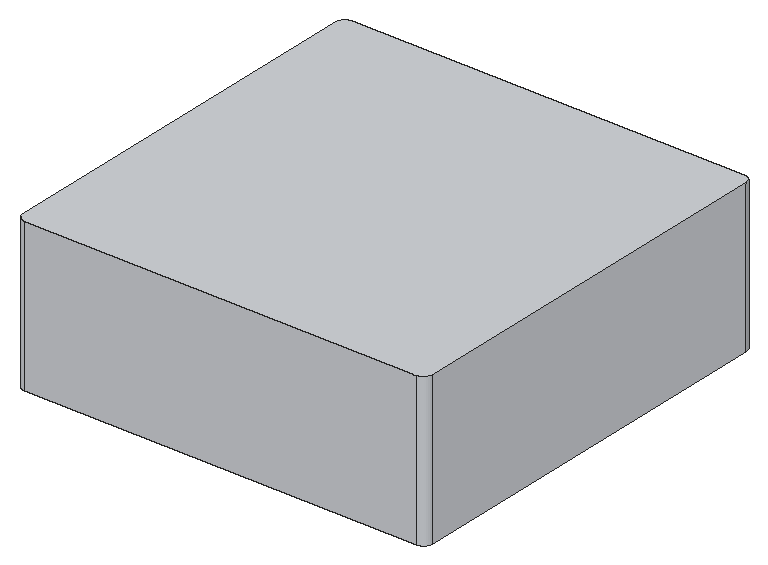
Revit family "Atlas_Sound_IP-SM_Ceiling_Mounted", category Communication Devices, host Ceiling, Revit 2016
Family settings
  Host = Ceiling
  Maintain Annotation Orientation = No
  Part Type = Normal
  Round Connector Dimension = Use Diameter
  Work Plane-Based = No
  Always vertical = Yes
  Cut with Voids When Loaded = No
  Shared = No
  Room Calculation Point = No
Parameters
  Warranty Duration (Years) = 0
  URL = "https://www.atlasied.com/ip-sm"
  Specification = ""
  SpecWizard = ""
  Send Message = ""
  Sales Information = ""
  Revision = ""
  Product Properties = ""
  Product Data = "https://www.atlasied.com/f/5898/ipx-series-endpoint-speaker-install-sheet.pdf"
  OmniClass Title = ""
  OmniClass Number = ""
  MasterFormat04 Keynote = ""
  Manufacturer's Notes = ""
  Manufacturer Website = "https://www.atlasied.com/"
  Manufacturer Phone - Toll Free = "800-876-3333"
  Manufacturer Phone = "602-438-4545"
  Manufacturer Fax = "602-438-8692"
  Manufacturer Email = ""
  Manufacturer Address = "4545 E. Baseline Rd. Phoenix, AZ 85040"
  Manufacturer = "Atlas Sound"
  Maintenance Schedule (Months) = 0
  Installation-Fabrication = "https://www.atlasied.com/f/5898/ipx-series-endpoint-speaker-install-sheet.pdf"
  Installation Phase = ""
  Green Building-LEED = ""
  Expected Lifespan (Years) = 0
  Drawn By = "Matt Wunch"
  Description = "POE+ indoor wall / ceiling mount IP speaker with paging microphone"
  Copyright = "Arcat, Inc. ©2018"
  Construction Details = ""
  Company_ID = 0
  Category = ""
  Building Codes = ""
Reference planes (in)
  plane 1 "Center (Front/Back)": y = 0
  plane 2 "Ceiling": z = 96
  plane 3 "Center (Left/Right)": x = 0
Dimensions and locks (in)
  equal spacing: host sketch curve, plane 3 "Center (Left/Right)", host sketch curve
  equal spacing: host sketch curve, plane 1 "Center (Front/Back)", host sketch curve
  host sketch curve to host sketch curve = 10' - 0"  (x2)
Nested families (in)
  nested 1: "Atlas_Sound_IP-SM" at (6, -6, 96), type "Atlas_Sound_IP-SM"
Connectors (in)
  electrical at (6, -6, 100.25)
    settings: on nested 1, index 1, voltage 0 V, apparent load 0 VA, apparent load phase1 0 VA, apparent load phase2 0 VA, apparent load phase3 0 VA, power factor 1, load classification "Other", number of poles 1, system type 14, power factor state 1, is connector primary yes, connector utility no, sub classification motor no, connector description ""
Definition of nested family "Atlas_Sound_IP-SM"
  Parameters (values of type "Atlas_Sound_IP-SM")
    Warranty Duration (Years) = 0
    URL = "https://www.atlasied.com/ip-sm"
    Specification = ""
    SpecWizard = ""
    Send Message = ""
    Sales Information = ""
    Revision = ""
    Product Properties = ""
    Product Data = "https://www.atlasied.com/f/5898/ipx-series-endpoint-speaker-install-sheet.pdf"
    OmniClass Title = ""
    OmniClass Number = ""
    Model = "IP-SM"
    MasterFormat04 Keynote = ""
    Manufacturer's Notes = ""
    Manufacturer Website = "https://www.atlasied.com/"
    Manufacturer Phone - Toll Free = "800-876-3333"
    Manufacturer Phone = "602-438-4545"
    Manufacturer Fax = "602-438-8692"
    Manufacturer Email = ""
    Manufacturer Address = "4545 E. Baseline Rd. Phoenix, AZ 85040"
    Manufacturer = "Atlas Sound"
    Maintenance Schedule (Months) = 0
    Installation-Fabrication = "https://www.atlasied.com/f/5898/ipx-series-endpoint-speaker-install-sheet.pdf"
    Installation Phase = ""
    Green Building-LEED = ""
    Expected Lifespan (Years) = 0
    Drawn By = "Matt Wunch"
    Description = "POE+ indoor wall / ceiling mount IP speaker with paging microphone"
    Default Elevation = 4' - 0"
    Copyright = "Arcat, Inc. ©2018"
    Construction Details = ""
    Company_ID = 38830
    Category = ""
    Building Codes = ""
  Reference planes (in)
    plane 1 "Center (Front/Back)": y = 0
    plane 2: z = 0
    plane 3 "Center (Left/Right)": x = 0
  Lines and regions (in)
    model lines
      curve 1: line (-6, -6, 0) -> (6, -6, 0)
      curve 2: line (-6, 6, 0) -> (-6, -6, 0)
      curve 3: line (6, 6, 0) -> (-6, 6, 0)
      curve 4: line (6, -6, 0) -> (6, 6, 0)
  Dimensions and locks (in)
    aligned and locked: plane 2 to level
  Nested families (in)
    nested 1: "Nested_Family_IP-SM" at (0, 0, 0), type "Nested_Family_IP-SM"
  Definition of nested family "Nested_Family_IP-SM"
    Parameters (values of type "Nested_Family_IP-SM")
      Warranty Duration (Years) = 0
      URL = "https://www.atlasied.com/ip-sm"
      Specification = ""
      SpecWizard = ""
      Send Message = ""
      Sales Information = ""
      Revision = ""
      Product Properties = ""
      Product Data = "https://www.atlasied.com/f/5898/ipx-series-endpoint-speaker-install-sheet.pdf"
      OmniClass Title = ""
      OmniClass Number = ""
      Model = "IP-SM"
      MasterFormat04 Keynote = ""
      Manufacturer's Notes = ""
      Manufacturer Website = "https://www.atlasied.com/"
      Manufacturer Phone - Toll Free = "800-876-3333"
      Manufacturer Phone = "602-438-4545"
      Manufacturer Fax = "602-438-8692"
      Manufacturer Email = ""
      Manufacturer Address = "4545 E. Baseline Rd. Phoenix, AZ 85040"
      Manufacturer = "Atlas Sound"
      Maintenance Schedule (Months) = 0
      Length = 0' - 11 1/2"
      Installation-Fabrication = "https://www.atlasied.com/f/5898/ipx-series-endpoint-speaker-install-sheet.pdf"
      Installation Phase = ""
      Green Building-LEED = ""
      Expected Lifespan (Years) = 0
      Drawn By = "Matt Wunch"
      Description = "POE+ indoor wall / ceiling mount IP speaker with paging microphone"
      Copyright = "Arcat, Inc. ©2018"
      Construction Details = ""
      Company_ID = 38830
      Category = ""
      Building Codes = ""
    Reference planes (in)
      plane 1 "Center (Front/Back)": y = 0
      plane 2: z = 0
      plane 3 "Center (Left/Right)": x = 0
      plane 4: x = -5.75
      plane 5: x = 5.75
      plane 6: y = -5.75
      plane 7: y = 5.75
    Forms (in)
      Extrusion 1, solid
        sketch origin (0, 0, 0) x (1, 0, 0) y (0, 1, 0)
          loop
            arc (-5.5, 5.75) -> (-5.67678, 5.67678) -> (-5.75, 5.5) r 0.25
            line (-5.75, 5.5) -> (-5.75, -5.5)
            arc (-5.75, -5.5) -> (-5.67678, -5.67678) -> (-5.5, -5.75) r 0.25
            line (-5.5, -5.75) -> (5.5, -5.75)
            arc (5.5, -5.75) -> (5.67678, -5.67678) -> (5.75, -5.5) r 0.25
            line (5.75, -5.5) -> (5.75, 5.5)
            arc (5.75, 5.5) -> (5.67678, 5.67678) -> (5.5, 5.75) r 0.25
            line (5.5, 5.75) -> (-5.5, 5.75)
        from 0 to 4.25
    Lines and regions (in)
      model lines
        curve 1: line (-5.375, 5.25, 0) -> (5.375, 5.25, 0)
        curve 2: line (-5.625, -5, 0) -> (-5.625, 5, 0)
        curve 3: line (5.375, -5.25, 0) -> (-5.375, -5.25, 0)
        curve 4: line (5.625, 5, 0) -> (5.625, -5, 0)
        curve 5: arc (-5.625, 5, 0) -> (-5.55178, 5.17678, 0) -> (-5.375, 5.25, 0) r 0.25
        curve 6: arc (5.375, 5.25, 0) -> (5.55178, 5.17678, 0) -> (5.625, 5, 0) r 0.25
        curve 7: arc (5.625, -5, 0) -> (5.55178, -5.17678, 0) -> (5.375, -5.25, 0) r 0.25
        curve 8: arc (-5.375, -5.25, 0) -> (-5.55178, -5.17678, 0) -> (-5.625, -5, 0) r 0.25
    Dimensions and locks (in)
      equal spacing: plane 4, plane 3 "Center (Left/Right)", plane 5
      "Length": plane 4 to plane 5
      equal spacing: plane 7, plane 1 "Center (Front/Back)", plane 6
      "Length": plane 7 to plane 6
      aligned and locked: plane 2 to level
      aligned and locked: Extrusion 1 sketch curve to plane 4
      aligned and locked: Extrusion 1 sketch curve to plane 7
      aligned and locked: Extrusion 1 sketch curve to plane 5
      aligned and locked: Extrusion 1 sketch curve to plane 6
    Automatic sketch dimensions
      Extrusion 1 sketch curve to plane 4 = 0' - 0 1/4"  (x2)
      Extrusion 1 sketch curve to plane 5 = 0' - 0 1/4"  (x2)
      curve 2 to plane 4 = 0' - 0 1/8"
      curve 2 to curve 5 = 0' - 0 1/4"
      curve 1 to plane 5 = 0' - 0 3/8"
      curve 3 to plane 5 = 0' - 0 3/8"
      curve 4 to plane 5 = 0' - 0 1/8"
      curve 3 to plane 6 = 0' - 0 1/2"
      curve 3 to curve 2 = 0' - 0 1/4"
      curve 5 to plane 7 = 0' - 0 3/4"
